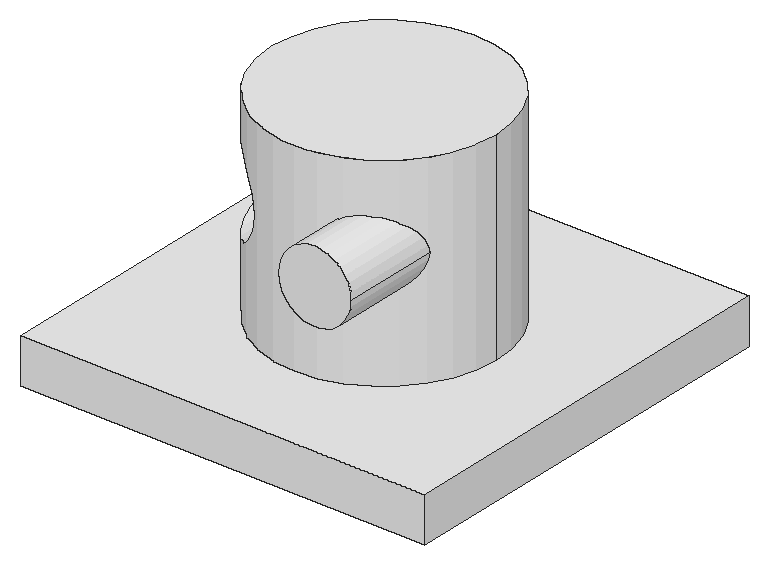
Revit family "KEUCO_59592010002", category Allgemeines Modell, Revit 2016
Family settings
  Teiletyp = Normal
  Kann Basisbauteil für Bewehrung sein = Nein
  Bemaßung runder Anschluss = Durchmesser verwenden
  Arbeitsebenenbasiert = Ja
  Immer vertikal = Nein
  Beim Laden mit Abzugskörper schneiden = Nein
  Gemeinsam genutzt = Nein
  Raumberechnungspunkt = Nein
Parameters (values of type "59592010002")
  Verwendung = "DU / WA"  # constant formula
  Preisgruppe = ""
  Kategorie = ""
  Gewicht = 0
  Breite = 45 mm
  URL = "https://www.keuco.com/de/produkte/sortiment/artikel/?pid=59592&oid=4&pgo=4&country=de&lang=de&vid=59592010002"
  Materialien bei Hersteller anfragen = "Anfrage zu:  objektmanagement@keuco.de"
  Beschreibung = "für Schläuche mit konischer Mutter\r\nmit eckiger Rosette, eigensicher gegen Rückfließen\r\nnach DIN EN 1717"
  Default Elevation = 1219.2 mm
  Serie = "Plan"  # constant formula
  Material = Stahl, verchromt
  Hersteller = "KEUCO"  # constant formula
  Assembly Code = ""
  Ausschreibungstext = "KEUCO IXMO Schlauchanschluss mit Brausehalter DN15, 59592010002\r\nSchlauchanschluss aus hochglanzverchromten Messing \r\nmit eckiger Rosette und integriertem Brausehalter für Schläuche \r\nmit konischer Mutter, z.B. KEUCO Brauseschlauch 54995...,\r\neigensicher gegen Rückfließen, frei positionierbar,\r\nRosette 90 x 90 mm, Stärke 10 mm,\r\nSchlauchanschluss G 1/2 Zoll, Gesamtausladung 55 mm"
  Artikelnummer = "59592010002"
Types (2, lengths in mm): name | URL | Beschreibung
  (no name) | "https://www.keuco.com" | "--"
  59592010002 | "https://www.keuco.com/de/produkte/sortiment/artikel/?pid=59592&oid=4&pgo=4&country=de&lang=de&vid=59592010002" | "für Schläuche mit konischer Mutter\r\nmit eckiger Rosette, eigensicher gegen Rückfließen\r\nnach DIN EN 1717"
Values of the unnamed type that differ from the named types
  Materialien bei Hersteller anfragen = "Request to:  objektmanagement@keuco.de"
  Ausschreibungstext = ""
Reference planes
  plane 1 "Center (Front/Back)": y = 0
  plane 2: z = 0
  plane 3 "Center (Left/Right)": x = 0
  plane 4: z = 36
Forms (mm)
  Extrusion 1, solid, material "Stahl, verchromt" <- "Material"
    sketch origin (0, 16.5, 20) x (0, 1, 0) y (-1, 0, 0)
      loop
        line (28.5, 45) -> (-61.5, 45) -> (-61.5, -45) -> (28.5, -45) -> (28.5, 45)
    from -20 to -10
  Extrusion 2, solid, material "Stahl, verchromt" <- "Material"
    sketch origin (0, 16.5, 20) x (0, 1, 0) y (-1, 0, 0)
      loop
        circle (-16.5, 0) r 25
    from -10 to 35
  Extrusion 3, solid, material "Stahl, verchromt" <- "Material"
    sketch origin (0, 0, 0) x (1, 0, 0) y (0, 0, 1)
      loop
        circle (12.956, 36) r 8.015
    from 13.274 to 35.444
  Extrusion 4, void
    sketch origin (-4.218, 0, 11.189) x (1, 0, 0) y (0, 0, 1)
      loop
        circle (-16.68, 24.926) r 10
    from -22.976 to 23.381
Cuts and joins
  Extrusion 4 cuts Extrusion 2
  joined: Extrusion 2, Extrusion 3
Dimensions and locks
  plane 4 to plane 2 = 36 mm
  aligned and locked: level to plane 2
